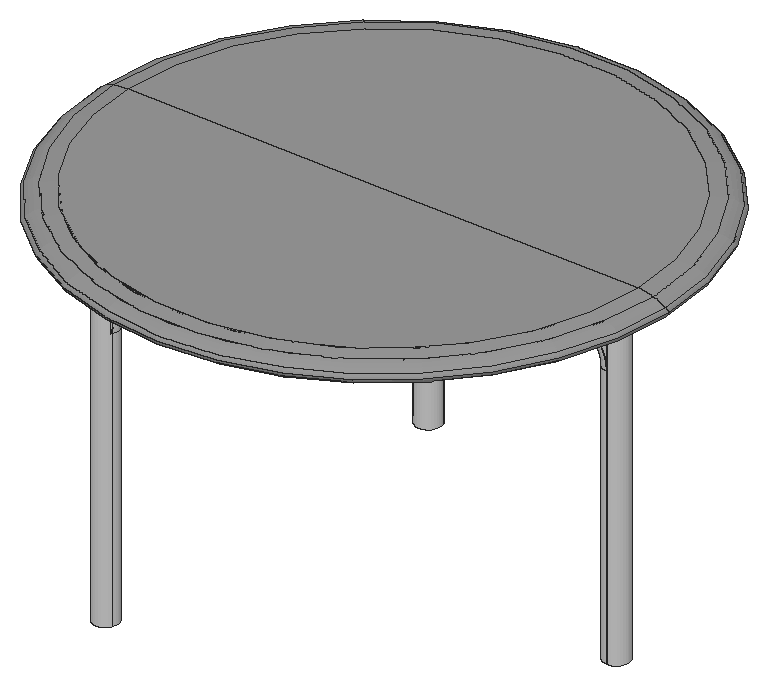
Revit family "Haworth_Openest_SprigTable_Round_AP_PRELIMINARY", category Furniture, Revit 2018
Family settings
  OmniClass Number = 23.40.20.00
  OmniClass Title = General Furniture and Specialties
  Work Plane-Based = No
  Always vertical = Yes
  Cut with Voids When Loaded = No
  Shared = No
  Room Calculation Point = No
Parameters (values of type "Large Table")
  Warranty = "http://www.haworth.com/resources/product-info/warranties"
  URL - Product = "https://www.haworth.com/ap/en/products/coffee-tables/openest-sprig.html"
  URL = "https://www.haworth.com/ap/en.html"
  Sustainability Info = "https://www.haworth.com/ap/en/company/sustainability.html"
  Small = no
  Size = "Verify Final Dim. w/ Haworth"  # constant formula
  Leg Width = if(Small, Radius - 35.024 mm, Radius - 43.954 mm)  # 261.046 mm
  Table Top Finish [instance] = Haworth _ Wood _ Undecided _ Tables
  Revision No. = "1"  # constant formula
  Radius = if(Small, 205 mm, 305 mm)  # 305 mm
  Leg Height = Height - 25.003 mm  # 334.997 mm
  Model = "SEOSXX"  # constant formula
  Manufacturer = "Haworth"  # constant formula
  Leg Finish [instance] = Haworth _ Paint _ Undecided _ Table
  Large = not(Small)  # yes
  Height = if(Small, 430 mm, 360 mm)  # 360 mm
  Description = "Haworth - Openest - Sprig Table - Round"  # constant formula
  Author = "Haworth (Abd Rahman), SHAPE Environments, LLC"  # constant formula
  Assembly Code = "E2020200"
Types (2, lengths in mm): name | Small | Leg Width | Radius | Leg Height | Large | Height
  Small Table | yes | 169.976 | 205 | 404.997 | no | 430
  Large Table | no | 261.046 | 305 | 334.997 | yes | 360
Reference planes
  plane 1 "Center Front/Back": y = 0
  plane 2: z = 0
  plane 3 "Center Left/Right": x = 0
  plane 4: x = -305
  plane 5: x = 305
  plane 6 "Table Top": z = 360
  plane 7: z = 335
  plane 8: through (-11.04, -7.365, 1219.2) normal (-0.5, 0.866, 0)
  plane 9: x = -0.858
  plane 10: through (-11.04, 7.365, 1219.2) normal (0.5, 0.866, 0)
Forms (mm)
  Revolve 1, solid, material "Haworth _ Wood _ Undecided _ Tables" <- "Table Top Finish"
    sketch origin (0, 0, 0) x (1, 0, 0) y (0, 0, 1)
      loop
        line (0, 360) -> (-270.846, 360)
        arc (-270.846, 360) -> (-278.679, 359.263) -> (-286.419, 357.846) r 90.189
        arc (-286.419, 357.846) -> (-293.413, 355.446) -> (-299.747, 351.631) r 35.006
        arc (-299.747, 351.631) -> (-301.518, 349.793) -> (-302.64, 347.5) r 8.215
        arc (-302.64, 347.5) -> (-301.518, 345.207) -> (-299.747, 343.369) r 8.215
        arc (-299.747, 343.369) -> (-293.413, 339.554) -> (-286.419, 337.154) r 35.006
        arc (-286.419, 337.154) -> (-278.679, 335.737) -> (-270.846, 335) r 90.189
        line (-270.846, 335) -> (0, 335) -> (0, 360)
      axis (0, 360) -> (0, 335)
    angle from 0 to 360
Lines and regions (mm)
  Masking region 1
    outline origin (0, 0, 360) x (-1, 0, 0) y (0, -1, 0)
      loop
        circle (0, 0) r 305
Dimensions and locks
  equal spacing: plane 4, plane 3 "Center Left/Right", plane 5
  "Height": plane 6 "Table Top" to level
  "Radius": plane 3 "Center Left/Right" to plane 4
  plane 5 to plane 4 = 610 mm
  locked: plane 6 "Table Top" to plane 7 at 25
  plane 4 to plane 5 = 610 mm
  "Radius": radius of Masking region 1 sketch curve
  aligned and locked: level to plane 2
  aligned and locked: nested 3 to plane 7
  aligned and locked: plane 7 to nested 2
  aligned and locked: nested 1 to plane 7
  aligned and locked: plane 8 to nested 2
  aligned and locked: plane 9 to nested 1
  aligned and locked: plane 10 to nested 3
Automatic sketch dimensions
  Revolve 1 sketch curve to plane 6 "Table Top" = 0 mm
  Revolve 1 sketch curve to plane 3 "Center Left/Right" = 0 mm  (x2)
  plane 4 to Revolve 1 sketch curve = 38.677 mm  (x2)
  plane 4 to Revolve 1 sketch curve = 34.154 mm
  Revolve 1 sketch curve to Revolve 1 sketch curve = 0 mm  (x6)
  Revolve 1 sketch curve to Revolve 1 sketch curve = 7.773 mm  (x2)
  Revolve 1 sketch curve to Revolve 1 sketch curve = 7.8 mm  (x2)
  Revolve 1 sketch curve to plane 6 "Table Top" = 2.154 mm
  plane 4 to Revolve 1 sketch curve = 10.212 mm
  Revolve 1 sketch curve to Revolve 1 sketch curve = 4.958 mm  (x2)
  plane 4 to Revolve 1 sketch curve = 2.36 mm
  Revolve 1 sketch curve to level = 609.6 mm
  Revolve 1 sketch curve to Revolve 1 sketch curve = 11.28 mm
  Revolve 1 sketch curve to Revolve 1 sketch curve = 1924.553 mm
  plane 1 "Center Front/Back" to Masking region 1 sketch curve = 0 mm
  Masking region 1 sketch curve to plane 3 "Center Left/Right" = 0 mm
Nested families
  nested 1: "Family1" at (260.188, -0.344, 335) x (-1, 0, 0) z (0, 0, 1), type "Family1"
    with Leg Width 261.046 mm, Leg Height 334.997 mm
  nested 2: "Family1" at (-130.392, 225.157, 335) x (0.5, -0.866, 0) z (0, 0, 1), type "Family1"
    with Leg Width 261.046 mm, Leg Height 334.997 mm
  nested 3: "Family1" at (-130.392, -225.157, 335) x (0.5, 0.866, 0) z (0, 0, 1), type "Family1"
    with Leg Width 261.046 mm, Leg Height 334.997 mm
Definition of nested family "Family1"
  Parameters
    Table Legs = none
    Leg Width = 173.906 mm
    Leg Height = 431.8 mm
  Reference planes
    plane 1 "Center Front/Back": y = 0
    plane 2: z = 0
    plane 3 "Center Left/Right": x = 0
    plane 4: x = 173.906
    plane 5: z = -431.8
  Forms (mm)
    Extrusion 1, solid, material <- "Table Legs"
      sketch origin (167.318, -0.344, -406.8) x (-1, 0, 0) y (0, -1, 0)
        loop
          line (154.417, 12.556) -> (154.417, -13.244)
          arc (154.417, -13.244) -> (167.318, -0.344) -> (154.417, 12.556) r 12.9
      from -25 to 406.8
    Sweep 2, solid, material <- "Table Legs"
      path origin (160.216, 13.303, -403.949) x (-1, 0, 0) y (0, 0, 1)
        loop
          line (147.316, -27.851) -> (147.316, 347.793)
          arc (147.316, 347.793) -> (135.372, 376.628) -> (106.536, 388.572) r 40.779
          line (106.536, 388.572) -> (-13.691, 388.572)
      profile origin (12.9, 13.303, -243.978) x (1, 0, 0) y (0, 1, 0)
        loop
          arc (0, -26.003) -> (12.7, -13.303) -> (0, -0.603) r 12.7
          line (0, -0.603) -> (0, -26.003)
    Extrusion 3, solid, material <- "Table Legs"
      sketch origin (12.437, -12.9, -406.8) x (1, 0, 0) y (0, 0, 1)
        loop
          line (161.47, 406.8) -> (0, 406.8) -> (0, 351.063)
          arc (0, 351.063) -> (11.821, 379.602) -> (40.36, 391.423) r 40.36
          line (40.36, 391.423) -> (161.47, 391.423) -> (161.47, 406.8)
      from -25.8 to 0
  Dimensions and locks
    "Leg Width": plane 4 to plane 3 "Center Left/Right"
    "Leg Height": plane 5 to level
    aligned and locked: level to plane 2
    aligned and locked: Extrusion 1 to plane 5
  Automatic sketch dimensions
    plane 1 "Center Front/Back" to Extrusion 1 sketch curve = 0 mm
    plane 3 "Center Left/Right" to Extrusion 1 sketch curve = 12.9 mm
    Extrusion 1 sketch curve to Extrusion 1 sketch curve = 12.9 mm
    Sweep 2 sketch curve to profile plane = 0 mm
    Sweep 2 sketch curve to profile plane = 26.003 mm
    Sweep 2 sketch curve to Sweep 2 sketch curve = 12.7 mm
    plane 4 to Extrusion 3 sketch curve = 0 mm
    plane 3 "Center Left/Right" to Extrusion 3 sketch curve = 52.797 mm
    plane 3 "Center Left/Right" to Extrusion 3 sketch curve = 12.437 mm
    Extrusion 3 sketch curve to level = 55.737 mm
    Extrusion 3 sketch curve to Extrusion 3 sketch curve = 15.377 mm
    plane 4 to Sweep 2 sketch curve = 0 mm
    Sweep 2 sketch curve to plane 5 = 0 mm
    plane 3 "Center Left/Right" to Sweep 2 sketch curve = 53.679 mm
    plane 3 "Center Left/Right" to Sweep 2 sketch curve = 12.9 mm
    Sweep 2 sketch curve to level = 56.156 mm
